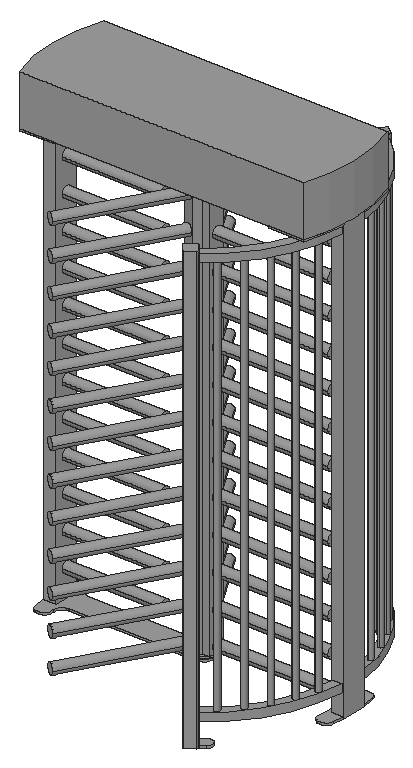
Revit family "assa_abloy_ft100", category Generic Models, Revit 2026 (continued)
Definition of nested family "record_MRT_RevolvingElement"
  Forms (mm)
    Sweep 15, solid, material <- "Frame Material", not visible, detail levels medium
      profile origin (-186.682, -323.358, 37) x (0.86605, -0.499957, 0) y (0, 0, 1)
        loop
          line (-25.5, 373) -> (-25.5, 322) -> (25.5, 322) -> (25.5, 373) -> (-25.5, 373)
        loop
          line (-25.5, 212) -> (-25.5, 161) -> (25.5, 161) -> (25.5, 212) -> (-25.5, 212)
        loop
          line (-25.5, 51) -> (-25.5, 0) -> (25.5, 0) -> (25.5, 51) -> (-25.5, 51)
    Sweep 16, solid, material <- "Frame Material", not visible, detail levels fine
      path origin (0, 0, 37) x (0, -1, 0) y (1, 0, 0)
        loop
          line (0, 60.877) -> (0, 685.877)
      profile origin (373.377, 0, 37) x (0, 1, 0) y (0, 0, 1)
        loop
          circle (0, 25.5) r 25.5
        loop
          circle (0, 186.5) r 25.5
        loop
          circle (0, 347.5) r 25.5
        loop
          circle (0, 508.5) r 25.5
        loop
          circle (0, 669.5) r 25.5
        loop
          circle (0, 830.5) r 25.5
        loop
          circle (0, 991.5) r 25.5
        loop
          circle (0, 1152.5) r 25.5
        loop
          circle (0, 1313.5) r 25.5
        loop
          circle (0, 1474.5) r 25.5
        loop
          circle (0, 1635.5) r 25.5
        loop
          circle (0, 1796.5) r 25.5
        loop
          circle (0, 1957.5) r 25.5
    Sweep 17, solid, material <- "Frame Material", not visible, detail levels fine
      path origin (0, 0, 37) x (0, -1, 0) y (1, 0, 0)
        loop
          line (-52.722, -30.439) -> (-593.989, -342.946)
      profile origin (-186.693, 323.356, 37) x (-0.866021, -0.500007, 0) y (0, 0, 1)
        loop
          circle (0, 25.5) r 25.5
        loop
          circle (0, 186.5) r 25.5
        loop
          circle (0, 347.5) r 25.5
        loop
          circle (0, 508.5) r 25.5
        loop
          circle (0, 669.5) r 25.5
        loop
          circle (0, 830.5) r 25.5
        loop
          circle (0, 991.5) r 25.5
        loop
          circle (0, 1152.5) r 25.5
        loop
          circle (0, 1313.5) r 25.5
        loop
          circle (0, 1474.5) r 25.5
        loop
          circle (0, 1635.5) r 25.5
        loop
          circle (0, 1796.5) r 25.5
        loop
          circle (0, 1957.5) r 25.5
    Sweep 18, solid, material <- "Frame Material", not visible, detail levels fine
      path origin (0, 0, 37) x (0, -1, 0) y (1, 0, 0)
        loop
          line (52.717, -30.446) -> (593.999, -342.919)
      profile origin (-186.682, -323.358, 37) x (0.86605, -0.499957, 0) y (0, 0, 1)
        loop
          circle (0, 25.5) r 25.5
        loop
          circle (0, 186.5) r 25.5
        loop
          circle (0, 347.5) r 25.5
        loop
          circle (0, 508.5) r 25.5
        loop
          circle (0, 669.5) r 25.5
        loop
          circle (0, 830.5) r 25.5
        loop
          circle (0, 991.5) r 25.5
        loop
          circle (0, 1152.5) r 25.5
        loop
          circle (0, 1313.5) r 25.5
        loop
          circle (0, 1474.5) r 25.5
        loop
          circle (0, 1635.5) r 25.5
        loop
          circle (0, 1796.5) r 25.5
        loop
          circle (0, 1957.5) r 25.5
  Dimensions and locks
    plane 3 "Center (Left/Right)" to plane 4 = 60.0 mm
    plane 6 to plane 2 = 2110.5 mm
    level to plane 11 "Rods" = 37.0 mm
    "Rods Offset": plane 11 "Rods" to plane 2
    "Rods Length": plane 4 to plane 5
    "Rods Length": plane 10 to plane 7
    "Rods Length": plane 8 to plane 9
    aligned and locked: level to plane 2
    aligned and locked: plane 11 "Rods" to Sweep 2
    aligned and locked: plane 11 "Rods" to Sweep 4
    aligned and locked: plane 11 "Rods" to Sweep 3
    aligned and locked: profile plane to plane 11 "Rods"
    aligned and locked: profile plane to plane 12 "Rods"
    aligned and locked: plane 4 to Sweep 9 sketch curve
    aligned and locked: plane 4 to Sweep 2 sketch curve
    aligned and locked: Sweep 3 sketch curve to plane 13
    aligned and locked: plane 7 to Sweep 3 sketch curve
    aligned and locked: Sweep 10 sketch curve to plane 13
    aligned and locked: Sweep 10 sketch curve to Sweep 3
    aligned and locked: plane 10 to Sweep 10 sketch curve
    aligned and locked: Sweep 11 sketch curve to plane 14
    aligned and locked: plane 8 to Sweep 11 sketch curve
    aligned and locked: Sweep 4 sketch curve to plane 14
    aligned and locked: Sweep 4 sketch curve to Sweep 11
    aligned and locked: plane 7 to Extrusion 12 sketch curve
  Automatic sketch dimensions
    Extrusion 1 sketch curve to plane 8 = 0.0 mm  (x2)
    plane 1 "Center (Front/Back)" to Extrusion 1 sketch curve = 0.0 mm
    Extrusion 1 sketch curve to plane 4 = 0.0 mm
    plane 3 "Center (Left/Right)" to Extrusion 1 sketch curve = 23.094 mm  (x2)
    plane 3 "Center (Left/Right)" to Extrusion 1 sketch curve = 4.203 mm
    plane 3 "Center (Left/Right)" to Extrusion 1 sketch curve = 4.649 mm
    Extrusion 1 sketch curve to plane 3 "Center (Left/Right)" = 46.188 mm
    Extrusion 1 sketch curve to Extrusion 1 sketch curve = 18.444 mm
    plane 1 "Center (Front/Back)" to Extrusion 1 sketch curve = 32.723 mm
    plane 1 "Center (Front/Back)" to Extrusion 1 sketch curve = 40.0 mm
    Extrusion 1 sketch curve to plane 1 "Center (Front/Back)" = 31.946 mm
    Extrusion 1 sketch curve to plane 1 "Center (Front/Back)" = 40.0 mm
    Extrusion 1 sketch curve to Extrusion 1 sketch curve = 0.0 mm
    Extrusion 1 sketch curve to Extrusion 1 sketch curve = 31.947 mm
    plane 1 "Center (Front/Back)" to Extrusion 5 sketch curve = 0.0 mm
    plane 3 "Center (Left/Right)" to Extrusion 5 sketch curve = 0.0 mm
    plane 1 "Center (Front/Back)" to Extrusion 6 sketch curve = 0.0 mm
    plane 3 "Center (Left/Right)" to Extrusion 6 sketch curve = 0.0 mm
    plane 3 "Center (Left/Right)" to Extrusion 7 sketch curve = 0.0 mm
    plane 1 "Center (Front/Back)" to Extrusion 7 sketch curve = 6.584 mm
    plane 3 "Center (Left/Right)" to Extrusion 8 sketch curve = 0.0 mm
    plane 1 "Center (Front/Back)" to Extrusion 8 sketch curve = 6.584 mm
    Sweep 9 sketch curve to profile plane = 0.0 mm  (x13)
    Sweep 9 sketch curve to Sweep 9 sketch curve = 161.0 mm  (x12)
    Sweep 10 sketch curve to profile plane = 0.0 mm  (x13)
    Sweep 11 sketch curve to profile plane = 0.0 mm  (x13)
    Sweep 11 sketch curve to Sweep 11 sketch curve = 161.0 mm  (x12)
    profile plane to Sweep 4 sketch curve = 25.5 mm  (x13)
    Sweep 4 sketch curve to profile plane = 25.5 mm  (x13)
    Sweep 4 sketch curve to Sweep 4 sketch curve = 51.0 mm  (x13)
    Sweep 4 sketch curve to Sweep 4 sketch curve = 110.0 mm  (x12)
    profile plane to Sweep 2 sketch curve = 25.5 mm  (x3)
    Sweep 2 sketch curve to Sweep 2 sketch curve = 0.0 mm  (x10)
    Sweep 2 sketch curve to Sweep 2 sketch curve = 51.0 mm  (x26)
    Sweep 2 sketch curve to Sweep 2 sketch curve = 110.0 mm  (x12)
    profile plane to Sweep 3 sketch curve = 25.5 mm  (x13)
    Sweep 3 sketch curve to profile plane = 25.5 mm  (x13)
    Sweep 3 sketch curve to Sweep 3 sketch curve = 51.0 mm  (x13)
    Sweep 3 sketch curve to Sweep 3 sketch curve = 110.0 mm  (x12)
    Extrusion 12 sketch curve to plane 8 = 0.0 mm  (x2)
    plane 1 "Center (Front/Back)" to Extrusion 12 sketch curve = 0.0 mm
    Extrusion 12 sketch curve to plane 4 = 0.0 mm
    plane 3 "Center (Left/Right)" to Extrusion 12 sketch curve = 23.094 mm  (x2)
    plane 3 "Center (Left/Right)" to Extrusion 12 sketch curve = 4.203 mm
    plane 3 "Center (Left/Right)" to Extrusion 12 sketch curve = 4.649 mm
    Extrusion 12 sketch curve to Extrusion 12 sketch curve = 18.444 mm
    plane 1 "Center (Front/Back)" to Extrusion 12 sketch curve = 32.723 mm
    plane 1 "Center (Front/Back)" to Extrusion 12 sketch curve = 40.0 mm
    Extrusion 12 sketch curve to plane 1 "Center (Front/Back)" = 31.946 mm
    Extrusion 12 sketch curve to Extrusion 12 sketch curve = 0.0 mm
    Sweep 2 sketch curve to profile plane = 0.0 mm
    profile plane to Sweep 3 sketch curve = 0.0 mm
    Sweep 4 sketch curve to profile plane = 0.0 mm
    profile plane to Sweep 9 sketch curve = 25.5 mm
    profile plane to Sweep 11 sketch curve = 25.5 mm
    Sweep 16 sketch curve to profile plane = 0.0 mm  (x13)
    Sweep 16 sketch curve to Sweep 16 sketch curve = 161.0 mm  (x12)
    Sweep 17 sketch curve to profile plane = 0.0 mm  (x13)
    Sweep 17 sketch curve to Sweep 17 sketch curve = 161.0 mm  (x12)
    Sweep 18 sketch curve to profile plane = 0.0 mm  (x13)
    Sweep 18 sketch curve to Sweep 18 sketch curve = 161.0 mm  (x12)
    profile plane to Sweep 15 sketch curve = 25.5 mm  (x13)
    Sweep 15 sketch curve to profile plane = 25.5 mm  (x13)
    Sweep 15 sketch curve to Sweep 15 sketch curve = 51.0 mm  (x13)
    Sweep 15 sketch curve to Sweep 15 sketch curve = 110.0 mm  (x12)
    profile plane to Sweep 13 sketch curve = 25.5 mm  (x3)
    Sweep 13 sketch curve to Sweep 13 sketch curve = 0.0 mm  (x10)
    Sweep 13 sketch curve to Sweep 13 sketch curve = 51.0 mm  (x26)
    Sweep 13 sketch curve to Sweep 13 sketch curve = 110.0 mm  (x12)
    profile plane to Sweep 14 sketch curve = 25.5 mm  (x13)
    Sweep 14 sketch curve to profile plane = 25.5 mm  (x13)
    Sweep 14 sketch curve to Sweep 14 sketch curve = 51.0 mm  (x13)
    Sweep 14 sketch curve to Sweep 14 sketch curve = 110.0 mm  (x12)
    Sweep 13 sketch curve to Sweep 13 sketch curve = 625.0 mm
    Sweep 13 sketch curve to profile plane = 0.0 mm
    Sweep 14 sketch curve to Sweep 14 sketch curve = 541.267 mm
    Sweep 14 sketch curve to Sweep 14 sketch curve = 312.507 mm
    profile plane to Sweep 14 sketch curve = 0.0 mm
    Sweep 15 sketch curve to Sweep 15 sketch curve = 541.283 mm
    Sweep 15 sketch curve to Sweep 15 sketch curve = 312.474 mm
    Sweep 15 sketch curve to profile plane = 0.0 mm
    Sweep 16 sketch curve to Sweep 16 sketch curve = 625.0 mm
    profile plane to Sweep 16 sketch curve = 25.5 mm
    Sweep 17 sketch curve to Sweep 17 sketch curve = 541.267 mm
    Sweep 17 sketch curve to Sweep 17 sketch curve = 312.507 mm
    profile plane to Sweep 17 sketch curve = 25.5 mm
    Sweep 18 sketch curve to Sweep 18 sketch curve = 541.283 mm
    Sweep 18 sketch curve to Sweep 18 sketch curve = 312.474 mm
    profile plane to Sweep 18 sketch curve = 25.5 mm
    profile plane to Sweep 10 sketch curve = 25.5 mm
    Sweep 10 sketch curve to Sweep 10 sketch curve = 161.0 mm  (x12)
    Sweep 9 sketch curve to plane 5 = 0.0 mm
    plane 1 "Center (Front/Back)" to Sweep 9 sketch curve = 0.0 mm
    Sweep 2 sketch curve to plane 5 = 0.0 mm
    plane 1 "Center (Front/Back)" to Sweep 2 sketch curve = 0.0 mm
    Sweep 3 sketch curve to plane 10 = 0.0 mm
    Sweep 11 sketch curve to plane 9 = 0.0 mm
    Sweep 4 sketch curve to plane 9 = 0.0 mm
    radius of Extrusion 5 sketch curve = 70.5 mm
    radius of Extrusion 6 sketch curve = 20.0 mm
    radius of Extrusion 7 sketch curve = 70.5 mm
    radius of Extrusion 8 sketch curve = 20.0 mm
    radius of Sweep 9 sketch curve = 25.5 mm  (x13)
    radius of Sweep 10 sketch curve = 25.5 mm  (x13)
    radius of Sweep 11 sketch curve = 25.5 mm  (x13)
    radius of Sweep 16 sketch curve = 25.5 mm  (x13)
    radius of Sweep 17 sketch curve = 25.5 mm  (x13)
    radius of Sweep 18 sketch curve = 25.5 mm  (x13)
Definition of nested family "record_MRT_CZ"
  Parameters (values of type "record_MRT_CZ")
    Width [instance] = 1600.0 mm
    Default Elevation = 0.0 mm
    Clearance Zone Material [instance] = none
    Clearance Zone [instance] = yes
    CZRadius2 [instance] = Width / 2 - 99.2 mm  # 700.8 mm
    CZRadius1 [instance] = Width / 2 + 5.0 mm  # 805.0 mm
    Angle [instance] = if(Width = 1441.0 mm, 52.95°, if(Width = 1501.0 mm, 54.90°, 55.73°))  # 55.73°
  Reference planes
    plane 1 "Center (Front/Back)": y = 0
    plane 2: z = 0
    plane 3 "Center (Left/Right)": x = 0
    plane 4: z = 2125
    plane 5: x = 800
    plane 6: x = -800
  Forms (mm)
    Sweep 1, solid, not visible
      path origin (743.754, 172.094, 0) x (0, 0, 1) y (0.225717, -0.974193, 0)
        loop
          line (148.5, 0) -> (2077, 0)
      profile origin (743.754, 172.094, 1112.75) x (0.225717, -0.974193, 0) y (0.974193, 0.225717, 0)
        loop
          circle (0, -0.066) r 10
    Sweep 2, solid, not visible
      path origin (709.973, 280.46, 0) x (0, 0, 1) y (0.36785, -0.929885, 0)
        loop
          line (148.5, 0) -> (2077, 0)
      profile origin (709.973, 280.46, 1112.75) x (0.36785, -0.929885, 0) y (0.929885, 0.36785, 0)
        loop
          circle (0, -0.066) r 10
    Sweep 3, solid, not visible
      path origin (660.477, 382.61, 0) x (0, 0, 1) y (0.50183, -0.864966, 0)
        loop
          line (148.5, 0) -> (2077, 0)
      profile origin (660.477, 382.61, 1112.75) x (0.50183, -0.864966, 0) y (0.864966, 0.50183, 0)
        loop
          circle (0, -0.066) r 10
    Sweep 4, solid, not visible
      path origin (599.29, 472.625, 0) x (0, 0, 1) y (0.625012, -0.780615, 0)
        loop
          line (148.5, -5) -> (2077, -5)
      profile origin (596.165, 476.528, 1112.75) x (0.625012, -0.780615, 0) y (0.780615, 0.625012, 0)
        loop
          circle (0, -0.066) r 10
    Sweep 5, solid, not visible
      path origin (522.49, 556.213, 0) x (0, 0, 1) y (0.73398, -0.679171, 0)
        loop
          line (148.5, -5) -> (2077, -5)
      profile origin (518.82, 559.609, 1112.75) x (0.73398, -0.679171, 0) y (0.679171, 0.73398, 0)
        loop
          circle (0, -0.066) r 10
    Sweep 6, solid, not visible
      path origin (434.471, 627.239, 0) x (0, 0, 1) y (0.826376, -0.563119, 0)
        loop
          line (0, -5) -> (2130, -5)
      profile origin (430.339, 630.054, 1065) x (0.826376, -0.563119, 0) y (0.563119, 0.826376, 0)
        loop
          line (-6.4, 29.934) -> (-53.6, 29.934)
          arc (-53.6, 29.934) -> (-58.125, 28.06) -> (-60, 23.534) r 6.4
          line (-60, 23.534) -> (-60, -23.666)
          arc (-60, -23.666) -> (-58.125, -28.191) -> (-53.6, -30.066) r 6.4
          line (-53.6, -30.066) -> (-6.4, -30.066)
          arc (-6.4, -30.066) -> (-1.875, -28.191) -> (0, -23.666) r 6.4
          line (0, -23.666) -> (0, 23.534)
          arc (0, 23.534) -> (-1.875, 28.06) -> (-6.4, 29.934) r 6.4
    Sweep 7, solid, not visible
      path origin (0, 0, 0) x (1, 0, 0) y (0, 1, 0)
        loop
          arc (763.43, 0) -> (675.033, 356.342) -> (430.339, 630.054) r 762.43
      profile origin (675.033, 356.342, 0) x (-0.884058, -0.467376, 0) y (0, 0, 1)
        loop
          line (19.934, 108.5) -> (19.934, 148.5) -> (-20.066, 148.5) -> (-20.066, 108.5) -> (19.934, 108.5)
        loop
          line (19.934, 2077) -> (19.934, 2117) -> (-20.066, 2117) -> (-20.066, 2077) -> (19.934, 2077)
    Sweep 8, solid, not visible
      path origin (430.339, 630.054, 0) x (0, 0, 1) y (0.826376, -0.563119, 0)
        loop
          line (0, 0) -> (8, 0)
      profile origin (430.339, 630.054, 4) x (0.826376, -0.563119, 0) y (0.563119, 0.826376, 0)
        loop
          line (0, 27.934) -> (0, -28.066)
          arc (0, -28.066) -> (14.452, -28.208) -> (28.898, -28.634) r 734.365
          arc (28.898, -28.634) -> (57.978, -1.758) -> (31.102, 27.322) r 28
          arc (31.102, 27.322) -> (15.554, 27.781) -> (0, 27.934) r 790.365
    Sweep 9, solid, not visible
      path origin (473.627, 546.001, 0) x (0, 0, 1) y (0.755398, -0.655267, 0)
        loop
          line (148.5, 0) -> (2077, 0)
      profile origin (473.627, 546.001, 1112.75) x (0.755398, -0.655267, 0) y (0.655267, 0.755398, 0)
        loop
          arc (10, -0.066) -> (0, 9.934) -> (-10, -0.066) r 10
          line (-10, -0.066) -> (-10, -10) -> (10, -10) -> (10, -0.066)
    Extrusion 10, solid, material <- "Clearance Zone Material", visible <- "Clearance Zone"
      sketch origin (0, 0, 0) x (1, 0, 0) y (0, 1, 0)
        loop
          arc (339.199, 613.241) -> (-287.271, 639.215) -> (-683.782, 153.5) r 700.8
          line (-683.782, 153.5) -> (-805, 153.5) -> (-805, -153.5) -> (-683.782, -153.5)
          arc (-683.782, -153.5) -> (-287.271, -639.215) -> (339.199, -613.241) r 700.8
          line (339.199, -613.241) -> (398.095, -699.675)
          arc (398.095, -699.675) -> (805, 0) -> (398.095, 699.675) r 805
          line (398.095, 699.675) -> (339.199, 613.241)
      from 0 to 2135
    Extrusion 11, void
      sketch origin (0, 0, 0) x (1, 0, 0) y (0, 1, 0)
        loop
          line (-930, 255) -> (-930, -255) -> (930, -255) -> (930, 255) -> (-930, 255)
      from 2115 to 2500
  Cuts and joins
    Extrusion 11 cuts Extrusion 10
  Lines and regions (mm)
    reference lines
      curve 1: line (0, 0, 0) -> (453.29, 665.247, 0)
      curve 2: circle (0, 0, 0) r 805 normal (0, 0, 1)
      curve 3: circle (0, 0, 0) r 700.8 normal (0, 0, 1)
      curve 4: line (0, 0, 0) -> (453.29, -665.247, 0)
  Dimensions and locks
    plane 4 to plane 2 = 2125.0 mm
    equal spacing: plane 6, plane 3 "Center (Left/Right)", plane 5
    "Width": plane 6 to plane 5
    equal spacing: curve 2, plane 3 "Center (Left/Right)", curve 2
    equal spacing: curve 2, plane 1 "Center (Front/Back)", curve 2
    locked: plane 3 "Center (Left/Right)" to curve 1
    locked: Extrusion 10 sketch curve to plane 1 "Center (Front/Back)" at 153.5
    locked: plane 1 "Center (Front/Back)" to Extrusion 10 sketch curve at 153.5
    locked: curve 1 to Extrusion 10 sketch curve at 65
    locked: Extrusion 10 sketch curve to curve 4 at 65
    "CZRadius1": radius of curve 2
    "CZRadius2": radius of curve 3
    "Angle": angle plane 1 "Center (Front/Back)" to curve 1
    "Angle": angle curve 4 to plane 1 "Center (Front/Back)"
    aligned and locked: level to plane 2
    aligned and locked: Extrusion 10 sketch curve to curve 3  (x2)
    aligned and locked: plane 1 "Center (Front/Back)" to curve 4
    aligned and locked: Extrusion 10 sketch curve to curve 2
  Automatic sketch dimensions
    Sweep 9 sketch curve to profile plane = 0.0 mm
    profile plane to Sweep 9 sketch curve = 10.0 mm
    Sweep 9 sketch curve to profile plane = 10.0 mm
    Sweep 9 sketch curve to profile plane = 0.066 mm
    Sweep 9 sketch curve to Sweep 9 sketch curve = 1928.5 mm
    plane 6 to Extrusion 11 sketch curve = 130.0 mm
    plane 5 to Extrusion 11 sketch curve = 130.0 mm
    plane 1 "Center (Front/Back)" to Extrusion 11 sketch curve = 255.0 mm
    Extrusion 11 sketch curve to plane 1 "Center (Front/Back)" = 255.0 mm
    plane 6 to Extrusion 10 sketch curve = 5.0 mm
    curve 2 to curve 3 = 0.0 mm  (x2)
